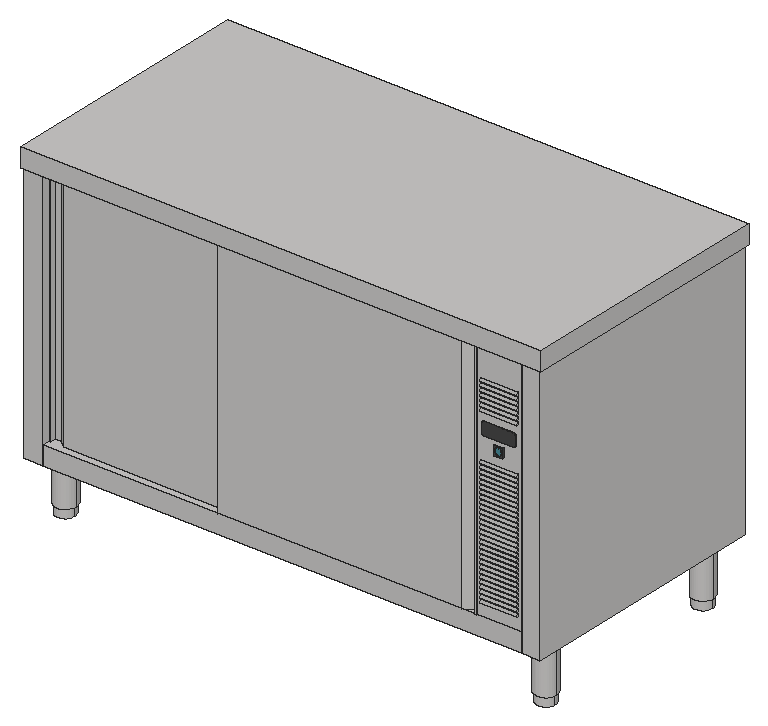
Revit family "QF_ELECTROLUXPROFESSIONAL_132797_MTCD1400PN", category Attrezzature speciali, Revit 2020
Family settings
  Quota connettore circolare = Usa diametro
  Tipo di parte = Normale
  Basato su piano di lavoro = No
  Sempre verticale = Sì
  Taglio con vuoti quando caricato = No
  Condiviso = No
  Punto di calcolo locali = No
Parameters (values of type "Standard")
  Weight = 60.00 kg
  Watts = 2400 W
  Volts = 220 V
  URL Manufacturer = "https://www.electroluxprofessional.com/"
  URL = "https://www.electroluxprofessional.com/"
  Steam Supply Size = 0 mm
  Steam Supply Minimum Pressure = 0.0 Pa
  Steam Supply Maximum Pressure = 0.0 Pa
  Steam Consumption per Hour = 0
  Refrigeration Suction Line Size = 0.0 mm
  Refrigeration Liquid Line Size = 0.0 mm
  Refrigerant Compressor Remote = yes
  Prospetto di default = 0.0 mm
  Produttore = "Electrolux Professional"
  Phase = 1
  Modello = "MTCD1400PN"
  Length Actual = 1400.0 mm  # constant formula
  Item Number = "132797"
  Hot Water Size = 0 mm
  Height Actual = 900.0 mm  # constant formula
  HP = "3.2 HP"
  Gas Size = 0 mm
  Gas KW = 0
  Gas Input Pressure = 0 W
  Direct Waste Size = 0 mm
  Descrizione = "HOT PASST.CUPB.VENT+SHELF+SLIDING D.1400"
  Depth Actual = 700.0 mm  # constant formula
  Cycle = 50 Hz
  Condensate Return Size = 0 mm
  Compressed Air Volume = 0.0 L/s
  Compressed Air Size = 0 mm
  Compressed Air Pressure = 0.0 Pa
  Cold Water Size = 0 mm
  Accessory = yes
Reference planes
  plane 1 "Center (Front/Back)": y = 0
  plane 2: z = 0
  plane 3 "Center (Left/Right)": x = -200
  plane 4 "LEFT": x = -900
  plane 5 "RIGHT": x = 500
  plane 6 "BACK": y = 350
  plane 7 "FRONT": y = -350
  plane 8 "Base": z = 850
  plane 9 "TOP": z = 900
  plane 10: x = -846.5
  plane 11: x = 446.5
  plane 12: y = 264.5
  plane 13: y = -264.5
  plane 14 "BodyLeft": x = -894.5
  plane 15 "BodyFront": y = -344.5
  plane 16 "BodyRight": x = 494.5
  plane 17 "BodyBack": y = 344.5
  plane 18 "FEET": z = 150
  plane 19: x = 324.5
  plane 20: x = -261
  plane 21: x = 444.5
  plane 22: x = 400
  plane 23: y = -170
Forms (mm)
  Extrusion 1, solid, material "QF_Finishes_Stainless Steel"
    sketch origin (-200, 0, 0) x (0, 1, 0) y (0, 0, 1)
      loop
        line (-350, 850) -> (350, 850) -> (350, 900) -> (-350, 900) -> (-350, 850)
    from 700 to -700
  Extrusion 2, solid, material "QF_Finishes_Stainless Steel"
    sketch origin (0, 0, 150) x (-1, 0, 0) y (0, -1, 0)
      loop
        line (894.5, -344.5) -> (894.5, 344.5) -> (844.5, 344.5) -> (844.5, -344.5) -> (894.5, -344.5)
      loop
        line (-444.5, -344.5) -> (-444.5, 344.5) -> (-494.5, 344.5) -> (-494.5, -344.5) -> (-444.5, -344.5)
    from 0 to 700
  Extrusion 3, solid, material "QF_Finishes_Stainless Steel"
    sketch origin (0, 0, 150) x (-1, 0, 0) y (0, -1, 0)
      loop
        line (844.5, -344.5) -> (844.5, 344.5) -> (-444.5, 344.5) -> (-444.5, -344.5) -> (844.5, -344.5)
    from 0 to 50
  Extrusion 4, solid, material "QF_Finishes_Stainless Steel"
    sketch origin (-1, 0, 150) x (-1, 0, 0) y (0, -1, 0)
      loop
        line (-325.5, 344.5) -> (-325.5, 324.5) -> (370.5, 324.5) -> (370.5, 344.5) -> (-285.5, 344.5) -> (-305.5, 329.5) -> (-320.5, 329.5) -> (-320.5, 344.5) -> (-325.5, 344.5)
    from 50 to 700
  Extrusion 5, solid, material "QF_Finishes_Stainless Steel"
    sketch origin (1, 20, 150) x (1, 0, 0) y (0, 1, 0)
      loop
        line (-845.5, -344.5) -> (-840.5, -344.5) -> (-840.5, -329.5) -> (-825.5, -329.5) -> (-805.5, -344.5) -> (-151.5, -344.5) -> (-151.5, -324.5) -> (-845.5, -324.5) -> (-845.5, -344.5)
    from 50 to 700
  Extrusion 6, solid, material "QF_Finishes_Stainless Steel"
    sketch origin (0, 0, 0) x (1, 0, 0) y (0, 1, 0)
      loop
        line (-844.5, -304.5) -> (324.5, -304.5) -> (324.5, 304.5) -> (-844.5, 304.5) -> (-844.5, -304.5)
    from 500 to 540
  Extrusion 7, solid, material "QF_Finishes_Stainless Steel"
    sketch origin (-1, 0, 150) x (-1, 0, 0) y (0, -1, 0)
      loop
        line (-325.5, -344.5) -> (-320.5, -344.5) -> (-320.5, -329.5) -> (-305.5, -329.5) -> (-285.5, -344.5) -> (370.5, -344.5) -> (370.5, -324.5) -> (-325.5, -324.5) -> (-325.5, -344.5)
    from 50 to 700
  Extrusion 8, solid, material "QF_Finishes_Stainless Steel"
    sketch origin (1, -20, 150) x (1, 0, 0) y (0, 1, 0)
      loop
        line (-845.5, 344.5) -> (-845.5, 324.5) -> (-151.5, 324.5) -> (-151.5, 344.5) -> (-805.5, 344.5) -> (-825.5, 329.5) -> (-840.5, 329.5) -> (-840.5, 344.5) -> (-845.5, 344.5)
    from 50 to 700
  Extrusion 9, solid, material "QF_Finishes_Stainless Steel"
    sketch origin (0, 0, 0) x (1, 0, 0) y (0, 1, 0)
      loop
        line (444.5, 344.5) -> (324.5, 344.5) -> (324.5, 324.5) -> (444.5, 324.5) -> (444.5, 344.5)
    from 200 to 850
  Extrusion 10, solid, material "QF_Finishes_Stainless Steel"
    sketch origin (0, 0, 150) x (-1, 0, 0) y (0, -1, 0)
      loop
        circle (-400, 170) r 10
    from 0 to -5
Cuts and joins
  joined: Extrusion 3, Extrusion 9
Lines and regions (mm)
  symbolic lines
    curve 1: line (500, 350, 900) -> (-900, 350, 900)
    curve 2: line (-900, 350, 900) -> (-900, -350, 900)
    curve 3: line (-900, -350, 900) -> (500, -350, 900)
    curve 4: line (500, -350, 900) -> (500, 350, 900)
    curve 5: line (-900, 337, 900) -> (500, 337, 900)
  symbolic lines, style "SpecialityEquipmentHiddenLines"
    curve 6: line (-894.5, 344.5, 150) -> (494.5, 344.5, 150)
    curve 7: line (-894.5, -344.5, 150) -> (-894.5, 344.5, 150)
    curve 8: line (494.5, -344.5, 150) -> (-894.5, -344.5, 150)
    curve 9: line (494.5, 344.5, 150) -> (494.5, -344.5, 150)
    curve 10: line (-845.5, -304.5, 150) -> (-149.5, -304.5, 150)
    curve 11: line (-149.5, -304.5, 150) -> (-149.5, -324.5, 150)
    curve 12: line (-845.5, -324.5, 150) -> (444.5, -324.5, 150)
    curve 13: line (444.5, -324.5, 150) -> (444.5, -344.5, 150)
    curve 14: line (-845.5, -304.5, 150) -> (-845.5, -324.5, 150)
    curve 15: line (-371.5, -344.5, 0) -> (-371.5, -324.5, 0)
    curve 16: line (-845.5, 304.5, 150) -> (-149.5, 304.5, 150)
    curve 17: line (-845.5, 324.5, 150) -> (444.5, 324.5, 150)
    curve 18: line (-371.5, 344.5, 0) -> (-371.5, 324.5, 0)
    curve 19: line (-150.5, 304.5, 0) -> (-150.5, 324.5, 0)
Dimensions and locks
  plane 4 "LEFT" to plane 5 "RIGHT" = 1400.0 mm
  equal spacing: plane 4 "LEFT", plane 3 "Center (Left/Right)", plane 5 "RIGHT"
  locked: plane 8 "Base" to level at 850
  locked: plane 9 "TOP" to level at 900
  plane 6 "BACK" to plane 7 "FRONT" = 700.0 mm
  equal spacing: plane 6 "BACK", plane 1 "Center (Front/Back)", plane 7 "FRONT"
  locked: plane 4 "LEFT" to plane 14 "BodyLeft" at 5.5
  locked: plane 16 "BodyRight" to plane 5 "RIGHT" at 5.5
  locked: plane 15 "BodyFront" to plane 7 "FRONT" at 5.5
  locked: plane 6 "BACK" to plane 17 "BodyBack" at 5.5
  locked: plane 14 "BodyLeft" to plane 10 at 48
  locked: plane 11 to plane 16 "BodyRight" at 48
  locked: plane 13 to plane 15 "BodyFront" at 80
  locked: plane 17 "BodyBack" to plane 12 at 80
  plane 10 to plane 11 = 1293.0 mm
  plane 12 to plane 13 = 529.0 mm
  locked: plane 14 "BodyLeft" to Extrusion 2 sketch curve at 50
  locked: Extrusion 2 sketch curve to Extrusion 2 sketch curve at 50
  equal spacing: plane 10, plane 20, plane 19
  locked: plane 21 to plane 16 "BodyRight" at 50
  locked: plane 19 to plane 21 at 120
  locked: Extrusion 4 sketch curve to plane 20 at 110.5
  locked: plane 20 to Extrusion 5 sketch curve at 110.5
  locked: plane 18 "FEET" to level at 150
  locked: plane 22 to plane 5 "RIGHT" at 100
  locked: plane 23 to plane 7 "FRONT" at 180
  aligned and locked: level to plane 2
  aligned and locked: plane 10 to nested 1
  aligned and locked: nested 1 to plane 13
  aligned and locked: plane 11 to nested 2
  aligned and locked: nested 2 to plane 13
  aligned and locked: plane 11 to nested 4
  aligned and locked: nested 4 to plane 12
  aligned and locked: plane 10 to nested 3
  aligned and locked: nested 3 to plane 12
  aligned and locked: Extrusion 1 to plane 4 "LEFT"
  aligned and locked: plane 5 "RIGHT" to Extrusion 1
  aligned and locked: curve 2 to plane 4 "LEFT"
  aligned and locked: plane 17 "BodyBack" to Extrusion 2 sketch curve
  aligned and locked: Extrusion 2 sketch curve to plane 15 "BodyFront"
  aligned and locked: Extrusion 2 sketch curve to plane 14 "BodyLeft"
  aligned and locked: plane 16 "BodyRight" to Extrusion 2 sketch curve
  aligned and locked: Extrusion 2 sketch curve to plane 17 "BodyBack"
  aligned and locked: plane 15 "BodyFront" to Extrusion 2 sketch curve
  aligned and locked: Extrusion 3 sketch curve to plane 17 "BodyBack"
  aligned and locked: plane 15 "BodyFront" to Extrusion 3 sketch curve
  aligned and locked: plane 8 "Base" to Extrusion 2
  aligned and locked: plane 8 "Base" to Extrusion 4
  aligned and locked: Extrusion 4 to Extrusion 3
  aligned and locked: Extrusion 1 to plane 8 "Base"
  aligned and locked: plane 9 "TOP" to Extrusion 1
  aligned and locked: curve 6 to plane 17 "BodyBack"
  aligned and locked: plane 14 "BodyLeft" to curve 7
  aligned and locked: plane 15 "BodyFront" to curve 8
  aligned and locked: plane 16 "BodyRight" to curve 9
  aligned and locked: Extrusion 3 to Extrusion 2  (x2)
  aligned and locked: Extrusion 6 sketch curve to Extrusion 2
  aligned and locked: Extrusion 6 sketch curve to Extrusion 5
  aligned and locked: curve 19 to Extrusion 8
  aligned and locked: curve 18 to Extrusion 7
  aligned and locked: nested 5 to plane 21
  aligned and locked: Extrusion 6 sketch curve to plane 19
Automatic sketch dimensions
  Extrusion 7 sketch curve to plane 19 = 0.0 mm
  Extrusion 7 sketch curve to plane 17 "BodyBack" = 0.0 mm  (x2)
  Extrusion 7 sketch curve to Extrusion 7 sketch curve = 5.0 mm
  Extrusion 7 sketch curve to Extrusion 7 sketch curve = 15.0 mm
  Extrusion 7 sketch curve to Extrusion 7 sketch curve = 20.0 mm
  plane 17 "BodyBack" to Extrusion 7 sketch curve = 20.0 mm
  plane 20 to Extrusion 7 sketch curve = 110.5 mm
  plane 17 "BodyBack" to Extrusion 7 sketch curve = 15.0 mm
  curve 15 to plane 15 "BodyFront" = 0.0 mm
  plane 15 "BodyFront" to curve 15 = 20.0 mm
  curve 15 to plane 20 = 110.5 mm
  curve 3 to plane 7 "FRONT" = 0.0 mm
  curve 5 to plane 5 "RIGHT" = 0.0 mm
  curve 4 to plane 6 "BACK" = 0.0 mm
  curve 5 to plane 17 "BodyBack" = 7.5 mm
  Extrusion 1 sketch curve to plane 7 "FRONT" = 0.0 mm
  Extrusion 1 sketch curve to plane 6 "BACK" = 0.0 mm
  Extrusion 1 sketch curve to plane 8 "Base" = 0.0 mm
  Extrusion 1 sketch curve to plane 9 "TOP" = 0.0 mm
  Extrusion 3 sketch curve to plane 21 = 0.0 mm
  plane 10 to Extrusion 3 sketch curve = 2.0 mm
  Extrusion 4 sketch curve to plane 19 = 0.0 mm
  Extrusion 4 sketch curve to plane 15 "BodyFront" = 0.0 mm  (x2)
  Extrusion 4 sketch curve to Extrusion 4 sketch curve = 5.0 mm
  Extrusion 4 sketch curve to Extrusion 4 sketch curve = 15.0 mm  (x2)
  Extrusion 4 sketch curve to Extrusion 4 sketch curve = 20.0 mm  (x2)
  Extrusion 5 sketch curve to plane 15 "BodyFront" = 20.0 mm  (x2)
  Extrusion 5 sketch curve to plane 10 = 42.0 mm
  Extrusion 5 sketch curve to plane 10 = 22.0 mm
  Extrusion 5 sketch curve to plane 10 = 7.0 mm
  Extrusion 5 sketch curve to plane 10 = 2.0 mm
  Extrusion 5 sketch curve to Extrusion 5 sketch curve = 15.0 mm
  Extrusion 5 sketch curve to Extrusion 5 sketch curve = 20.0 mm
  curve 13 to plane 21 = 0.0 mm
  curve 17 to plane 21 = 0.0 mm
  curve 8 to plane 15 "BodyFront" = 0.0 mm
  plane 3 "Center (Left/Right)" to curve 10 = 50.5 mm
  plane 10 to curve 12 = 1.0 mm
  plane 15 "BodyFront" to curve 10 = 40.0 mm
  curve 12 to curve 13 = 20.0 mm
  plane 3 "Center (Left/Right)" to curve 16 = 50.5 mm
  plane 10 to curve 17 = 1.0 mm
  plane 10 to curve 16 = 1.0 mm
  curve 17 to plane 17 "BodyBack" = 20.0 mm
  plane 12 to curve 16 = 40.0 mm
  plane 12 to Extrusion 6 sketch curve = 40.0 mm
  plane 10 to Extrusion 8 sketch curve = 2.0 mm
  Extrusion 8 sketch curve to Extrusion 8 sketch curve = 5.0 mm
  Extrusion 8 sketch curve to Extrusion 8 sketch curve = 15.0 mm  (x2)
  Extrusion 8 sketch curve to plane 17 "BodyBack" = 20.0 mm  (x2)
  Extrusion 8 sketch curve to Extrusion 8 sketch curve = 20.0 mm  (x2)
  plane 3 "Center (Left/Right)" to Extrusion 8 sketch curve = 49.5 mm
  curve 18 to plane 17 "BodyBack" = 0.0 mm
  curve 18 to plane 17 "BodyBack" = 20.0 mm
  plane 12 to curve 19 = 40.0 mm
  curve 19 to curve 19 = 20.0 mm
  Extrusion 9 sketch curve to plane 17 "BodyBack" = 0.0 mm
  Extrusion 9 sketch curve to plane 19 = 0.0 mm
  Extrusion 9 sketch curve to plane 21 = 0.0 mm
  Extrusion 9 sketch curve to plane 17 "BodyBack" = 20.0 mm
  Extrusion 10 sketch curve to plane 22 = 0.0 mm
  Extrusion 10 sketch curve to plane 23 = 0.0 mm
  radius of Extrusion 10 sketch curve = 10.0 mm
Nested families
  nested 1: "FEET_D58-150" at (-846.5, -264.5, 0), type "FEET_D58-150"
  nested 2: "FEET_D58-150" at (446.5, -264.5, 0), type "FEET_D58-150"
  nested 3: "FEET_D58-150" at (-846.5, 264.5, 0), type "FEET_D58-150"
  nested 4: "FEET_D58-150" at (446.5, 264.5, 0), type "FEET_D58-150"
  nested 5: "WT_PNL120x650" at (531.42, -304.5, 600) x (1, 0, 0) z (0, -1, 0), type "WT_PNL120x650"
    with Show Logo yes
Connectors
  electrical at (400, -170, 145)
    settings: on Extrusion 10, index 1, voltage 0 V, apparent load 0 VA, apparent load phase1 0 VA, apparent load phase2 0 VA, apparent load phase3 0 VA, power factor 1, load classification "Other", number of poles 1, system type 30, power factor state 1, is connector primary yes, connector utility no, sub classification motor no, connector description "Electrical connection"
Definition of nested family "FEET_D58-150"
  Parameters
    Default Elevation = 0.0 mm
    FEET = 150.0 mm
  Reference planes
    plane 1 "Center (Front/Back)": y = 0
    plane 2: z = 0
    plane 3 "Center (Left/Right)": x = 0
    plane 4: z = 150
  Forms (mm)
    Extrusion 1, solid
      sketch origin (0, 0, 0) x (1, 0, 0) y (0, 1, 0)
        loop
          circle (0, 0) r 25
      from 0 to 25
    Extrusion 2, solid
      sketch origin (0, 0, 0) x (1, 0, 0) y (0, 1, 0)
        loop
          circle (0.061, 0) r 29
      from 25 to 150 <- "FEET"
  Lines and regions (mm)
    symbolic lines
      curve 1: line (0, -1.503, 0) -> (0, 1.508, 0)
      curve 2: line (1.561, 0, 0) -> (-1.439, 0, 0)
  Dimensions and locks
    "FEET": plane 4 to plane 2
    aligned and locked: level to plane 2
  Automatic sketch dimensions
    plane 1 "Center (Front/Back)" to Extrusion 1 sketch curve = 0.0 mm
    Extrusion 1 sketch curve to plane 3 "Center (Left/Right)" = 0.0 mm
    plane 1 "Center (Front/Back)" to curve 2 = 0.0 mm
    curve 1 to plane 3 "Center (Left/Right)" = 0.0 mm
    curve 2 to plane 3 "Center (Left/Right)" = 1.439 mm
    plane 3 "Center (Left/Right)" to curve 2 = 1.561 mm
    plane 1 "Center (Front/Back)" to curve 1 = 1.503 mm
    curve 1 to plane 1 "Center (Front/Back)" = 1.508 mm
    plane 1 "Center (Front/Back)" to Extrusion 2 sketch curve = 0.0 mm
    plane 3 "Center (Left/Right)" to Extrusion 2 sketch curve = 0.061 mm
    radius of Extrusion 1 sketch curve = 25.0 mm
    radius of Extrusion 2 sketch curve = 29.0 mm
Definition of nested family "WT_PNL120x650"
  Parameters
    Show Logo [instance] = yes
    Default Elevation = 1219.2 mm
  Reference planes
    plane 1 "Center (Front/Back)": y = -75
    plane 2: z = 0
    plane 3 "Center (Left/Right)": x = -146.92
    plane 4: x = -206.92
    plane 5: x = -86.92
    plane 6: y = 250
    plane 7: y = -400
    plane 8 "TOP": z = 40
  Forms (mm)
    Extrusion 1, solid
      sketch origin (0, 0, 0) x (1, 0, 0) y (0, 1, 0)
        loop
          line (-1219.2, 1219.2) -> (-1219.2, -1219.2) -> (1219.2, -1219.2) -> (1219.2, 1219.2) -> (-1219.2, 1219.2)
      from 0 to -304.8
    Extrusion 2, solid
      sketch origin (0, 0, 0) x (1, 0, 0) y (0, 1, 0)
        loop
          line (-206.92, 250) -> (-206.92, -400) -> (-86.92, -400) -> (-86.92, 250) -> (-206.92, 250)
      from 0 to 40
    Extrusion 3, void
      sketch origin (0, 0, 40) x (-1, 0, 0) y (0, -1, 0)
        loop
          arc (101.92, -68.899) -> (103.795, -73.256) -> (108.247, -74.89) r 6
          line (108.247, -74.89) -> (185.92, -74.89)
          arc (185.92, -74.89) -> (190.163, -73.133) -> (191.92, -68.89) r 6
          line (191.92, -68.89) -> (191.92, -45.89)
          arc (191.92, -45.89) -> (190.163, -41.648) -> (185.92, -39.89) r 6
          line (185.92, -39.89) -> (107.92, -39.89)
          arc (107.92, -39.89) -> (103.677, -41.648) -> (101.92, -45.89) r 6
          line (101.92, -45.89) -> (101.92, -68.899)
        loop
          line (158.92, -27.89) -> (158.92, -2.89) -> (134.92, -2.89) -> (134.92, -27.89) -> (158.92, -27.89)
      from -2 to 0
    Extrusion 4, solid
      sketch origin (0, 0, 40) x (-1, 0, 0) y (0, -1, 0)
        loop
          line (185.92, -39.89) -> (107.92, -39.89)
          arc (107.92, -39.89) -> (103.677, -41.648) -> (101.92, -45.89) r 6
          line (101.92, -45.89) -> (101.92, -68.899)
          arc (101.92, -68.899) -> (103.795, -73.256) -> (108.247, -74.89) r 6
          line (108.247, -74.89) -> (185.92, -74.89)
          arc (185.92, -74.89) -> (190.163, -73.133) -> (191.92, -68.89) r 6
          line (191.92, -68.89) -> (191.92, -45.89)
          arc (191.92, -45.89) -> (190.163, -41.648) -> (185.92, -39.89) r 6
      from -2 to 1
    Extrusion 5, solid
      sketch origin (-146.92, 0, 0) x (0, 1, 0) y (0, 0, 1)
        loop
          line (95.896, 40) -> (104.899, 40) -> (95.896, 41.206) -> (95.896, 40)
        loop
          line (107.896, 40) -> (116.899, 40) -> (107.896, 41.206) -> (107.896, 40)
        loop
          line (119.896, 40) -> (128.899, 40) -> (119.896, 41.206) -> (119.896, 40)
        loop
          line (131.896, 40) -> (140.899, 40) -> (131.896, 41.206) -> (131.896, 40)
        loop
          line (143.896, 40) -> (152.899, 40) -> (143.896, 41.206) -> (143.896, 40)
        loop
          line (155.896, 40) -> (164.899, 40) -> (155.896, 41.206) -> (155.896, 40)
        loop
          line (167.896, 40) -> (176.899, 40) -> (167.896, 41.206) -> (167.896, 40)
        loop
          line (-102.104, 40) -> (-93.101, 40) -> (-102.104, 41.206) -> (-102.104, 40)
        loop
          line (-90.104, 40) -> (-81.101, 40) -> (-90.104, 41.206) -> (-90.104, 40)
        loop
          line (-78.104, 40) -> (-69.101, 40) -> (-78.104, 41.206) -> (-78.104, 40)
        loop
          line (-66.104, 40) -> (-57.101, 40) -> (-66.104, 41.206) -> (-66.104, 40)
        loop
          line (-54.104, 40) -> (-45.101, 40) -> (-54.104, 41.206) -> (-54.104, 40)
        loop
          line (-42.104, 40) -> (-33.101, 40) -> (-42.104, 41.206) -> (-42.104, 40)
        loop
          line (-30.104, 40) -> (-21.101, 40) -> (-30.104, 41.206) -> (-30.104, 40)
        loop
          line (-174.104, 40) -> (-165.101, 40) -> (-174.104, 41.206) -> (-174.104, 40)
        loop
          line (-162.104, 40) -> (-153.101, 40) -> (-162.104, 41.206) -> (-162.104, 40)
        loop
          line (-150.104, 40) -> (-141.101, 40) -> (-150.104, 41.206) -> (-150.104, 40)
        loop
          line (-138.104, 40) -> (-129.101, 40) -> (-138.104, 41.206) -> (-138.104, 40)
        loop
          line (-126.104, 40) -> (-117.101, 40) -> (-126.104, 41.206) -> (-126.104, 40)
        loop
          line (-114.104, 40) -> (-105.101, 40) -> (-114.104, 41.206) -> (-114.104, 40)
        loop
          line (-246.104, 40) -> (-237.101, 40) -> (-246.104, 41.206) -> (-246.104, 40)
        loop
          line (-234.104, 40) -> (-225.101, 40) -> (-234.104, 41.206) -> (-234.104, 40)
        loop
          line (-222.104, 40) -> (-213.101, 40) -> (-222.104, 41.206) -> (-222.104, 40)
        loop
          line (-210.104, 40) -> (-201.101, 40) -> (-210.104, 41.206) -> (-210.104, 40)
        loop
          line (-198.104, 40) -> (-189.101, 40) -> (-198.104, 41.206) -> (-198.104, 40)
        loop
          line (-186.104, 40) -> (-177.101, 40) -> (-186.104, 41.206) -> (-186.104, 40)
        loop
          line (-318.104, 40) -> (-309.101, 40) -> (-318.104, 41.206) -> (-318.104, 40)
        loop
          line (-306.104, 40) -> (-297.101, 40) -> (-306.104, 41.206) -> (-306.104, 40)
        loop
          line (-294.104, 40) -> (-285.101, 40) -> (-294.104, 41.206) -> (-294.104, 40)
        loop
          line (-282.104, 40) -> (-273.101, 40) -> (-282.104, 41.206) -> (-282.104, 40)
        loop
          line (-270.104, 40) -> (-261.101, 40) -> (-270.104, 41.206) -> (-270.104, 40)
        loop
          line (-258.104, 40) -> (-249.101, 40) -> (-258.104, 41.206) -> (-258.104, 40)
        loop
          line (-366.104, 40) -> (-357.101, 40) -> (-366.104, 41.206) -> (-366.104, 40)
        loop
          line (-354.104, 40) -> (-345.101, 40) -> (-354.104, 41.206) -> (-354.104, 40)
        loop
          line (-342.104, 40) -> (-333.101, 40) -> (-342.104, 41.206) -> (-342.104, 40)
        loop
          line (-330.104, 40) -> (-321.101, 40) -> (-330.104, 41.206) -> (-330.104, 40)
      from -50 to 50
    Extrusion 6, solid
      sketch origin (0, 0, 40) x (-1, 0, 0) y (0, -1, 0)
        loop
          line (134.92, -27.89) -> (158.92, -27.89) -> (158.92, -2.89) -> (134.92, -2.89) -> (134.92, -27.89)
        loop
          circle (146.92, -15.39) r 9
      from -2 to 3
    Extrusion 7, solid
      sketch origin (0, 0, 40) x (-1, 0, 0) y (0, -1, 0)
        loop
          circle (146.92, -15.39) r 9
      from 0 to 3
  Cuts and joins
    Extrusion 3 cuts Extrusion 2
  Dimensions and locks
    equal spacing: plane 6, plane 1 "Center (Front/Back)", plane 7
    equal spacing: plane 4, plane 3 "Center (Left/Right)", plane 5
    plane 8 "TOP" to level = 40.0 mm
    aligned and locked: plane 2 to Extrusion 1
    aligned and locked: level to Extrusion 1
  Automatic sketch dimensions
    Extrusion 1 sketch curve to Extrusion 1 sketch curve = 2438.4 mm  (x2)
    Extrusion 2 sketch curve to plane 4 = 0.0 mm
    Extrusion 2 sketch curve to plane 5 = 0.0 mm
    Extrusion 2 sketch curve to plane 7 = 0.0 mm
    Extrusion 2 sketch curve to plane 6 = 0.0 mm
    Extrusion 5 sketch curve to plane 8 "TOP" = 0.0 mm  (x36)
    Extrusion 5 sketch curve to Extrusion 5 sketch curve = 9.003 mm  (x35)
    plane 8 "TOP" to Extrusion 5 sketch curve = 1.206 mm  (x22)
    Extrusion 5 sketch curve to Extrusion 5 sketch curve = 2.997 mm  (x33)
    plane 1 "Center (Front/Back)" to Extrusion 5 sketch curve = 6.101 mm
    plane 1 "Center (Front/Back)" to Extrusion 5 sketch curve = 3.104 mm
    Extrusion 5 sketch curve to plane 1 "Center (Front/Back)" = 5.899 mm
    Extrusion 5 sketch curve to Extrusion 5 sketch curve = 116.997 mm
    Extrusion 5 sketch curve to Extrusion 5 sketch curve = 1.206 mm  (x14)
    Extrusion 4 sketch curve to plane 5 = 15.0 mm
    Extrusion 4 sketch curve to Extrusion 4 sketch curve = 6.0 mm  (x3)
    Extrusion 4 sketch curve to Extrusion 4 sketch curve = 0.327 mm
    plane 4 to Extrusion 4 sketch curve = 21.0 mm  (x2)
    Extrusion 4 sketch curve to plane 1 "Center (Front/Back)" = 149.89 mm
    Extrusion 4 sketch curve to Extrusion 4 sketch curve = 23.009 mm
    Extrusion 3 sketch curve to plane 5 = 15.0 mm
    Extrusion 3 sketch curve to Extrusion 3 sketch curve = 6.0 mm  (x3)
    Extrusion 3 sketch curve to Extrusion 3 sketch curve = 0.327 mm
    plane 3 "Center (Left/Right)" to Extrusion 3 sketch curve = 12.0 mm
    Extrusion 3 sketch curve to plane 3 "Center (Left/Right)" = 12.0 mm
    plane 4 to Extrusion 3 sketch curve = 21.0 mm  (x2)
    Extrusion 3 sketch curve to plane 1 "Center (Front/Back)" = 149.89 mm
    Extrusion 3 sketch curve to Extrusion 3 sketch curve = 23.0 mm
    Extrusion 3 sketch curve to Extrusion 3 sketch curve = 12.0 mm
    Extrusion 3 sketch curve to Extrusion 3 sketch curve = 25.0 mm
    Extrusion 6 sketch curve to plane 3 "Center (Left/Right)" = 0.0 mm
    plane 3 "Center (Left/Right)" to Extrusion 6 sketch curve = 12.0 mm
    Extrusion 6 sketch curve to plane 3 "Center (Left/Right)" = 12.0 mm
    Extrusion 6 sketch curve to plane 1 "Center (Front/Back)" = 102.89 mm
    Extrusion 6 sketch curve to Extrusion 6 sketch curve = 12.5 mm  (x2)
    Extrusion 7 sketch curve to plane 3 "Center (Left/Right)" = 0.0 mm
    Extrusion 7 sketch curve to plane 1 "Center (Front/Back)" = 90.39 mm
    radius of Extrusion 6 sketch curve = 9.0 mm
    radius of Extrusion 7 sketch curve = 9.0 mm
